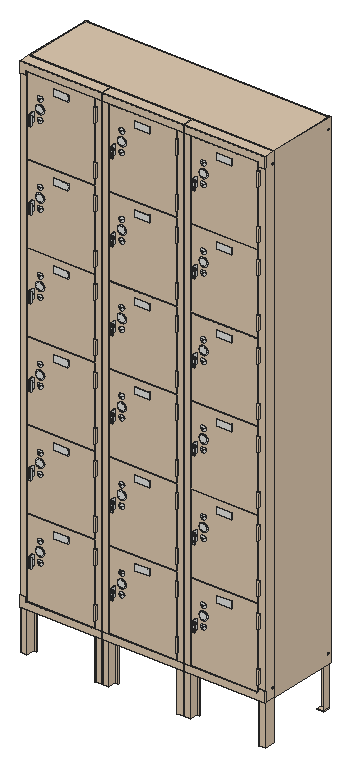
Revit family "Metal_Vented_Lockers-Salsbury_Industries-75000_76000_Series-3_Wide_Units", category Specialty Equipment, Revit 2023 (continued)
Nested families (in)
  nested 21: "Metal Locker Sloping Corner Filler" at (-19.1475, 1.8245, 77.71223), type <- "Sloping Top Corner Filler - Left Side", type "None"
  nested 22: "Vented Metal Locker Doors-12 inch with Latch Hasps" at (11.99976, -5.555, 7.09027), type <- "Door Location D1", type "Six Tier Door - 6 foot"
  nested 23: "Vented Metal Locker Doors-12 inch with Latch Hasps" at (-0.01383, -5.555, 7.09027), type <- "Door Location D1", type "Six Tier Door - 6 foot"
  nested 24: "Vented Metal Locker Doors-12 inch with Latch Hasps" at (-12.02717, -5.555, 7.09027), type <- "Door Location D1", type "Six Tier Door - 6 foot"
  nested 25: "Metal Locker Sloping Hood" at (4.595, 2.137, 78), type <- "Sloping Hood", type "None"
  nested 26: "Vented Metal Locker Doors-12 inch with Latch Hasps" at (11.99976, -5.555, 18.74776), type <- "Door Location D1", type "Six Tier Door - 6 foot"
  nested 27: "Vented Metal Locker Doors-12 inch with Latch Hasps" at (-0.01383, -5.555, 18.74776), type <- "Door Location D1", type "Six Tier Door - 6 foot"
  nested 28: "Vented Metal Locker Doors-12 inch with Latch Hasps" at (-12.02717, -5.555, 18.74776), type <- "Door Location D1", type "Six Tier Door - 6 foot"
  nested 29: "Vented Metal Locker Doors-12 inch with Latch Hasps" at (11.99976, -5.555, 30.40676), type <- "Door Location D1", type "Six Tier Door - 6 foot"
  nested 30: "Vented Metal Locker Doors-12 inch with Latch Hasps" at (-0.01383, -5.555, 30.40676), type <- "Door Location D1", type "Six Tier Door - 6 foot"
  nested 31: "Vented Metal Locker Doors-12 inch with Latch Hasps" at (-12.02717, -5.555, 30.40676), type <- "Door Location D1", type "Six Tier Door - 6 foot"
  nested 32: "Vented Metal Locker Doors-12 inch with Latch Hasps" at (11.99976, -5.555, 42.06376), type <- "Door Location D1", type "Six Tier Door - 6 foot"
  nested 33: "Vented Metal Locker Doors-12 inch with Latch Hasps" at (-0.01383, -5.555, 42.06376), type <- "Door Location D1", type "Six Tier Door - 6 foot"
  nested 34: "Vented Metal Locker Doors-12 inch with Latch Hasps" at (-12.02717, -5.555, 42.06376), type <- "Door Location D1", type "Six Tier Door - 6 foot"
  nested 35: "Vented Metal Locker Doors-12 inch with Latch Hasps" at (11.99976, -5.555, 53.72076), type <- "Door Location D1", type "Six Tier Door - 6 foot"
  nested 36: "Vented Metal Locker Doors-12 inch with Latch Hasps" at (-0.01383, -5.555, 53.72076), type <- "Door Location D1", type "Six Tier Door - 6 foot"
  nested 37: "Vented Metal Locker Doors-12 inch with Latch Hasps" at (-12.02717, -5.555, 53.72076), type <- "Door Location D1", type "Six Tier Door - 6 foot"
  nested 38: "Vented Metal Locker Doors-12 inch with Latch Hasps" at (11.99976, -5.555, 65.37776), type <- "Door Location D1", visible <- "Top Row of Doors", type "Six Tier Door - 6 foot"
  nested 39: "Vented Metal Locker Doors-12 inch with Latch Hasps" at (-0.01383, -5.555, 65.37776), type <- "Door Location D1", visible <- "Top Row of Doors", type "Six Tier Door - 6 foot"
  nested 40: "Vented Metal Locker Doors-12 inch with Latch Hasps" at (-12.02717, -5.555, 65.37776), type <- "Door Location D1", visible <- "Top Row of Doors", type "Six Tier Door - 6 foot"
  nested 41: "Vents" at (18.02, -2.385, 4.96051) x (0, 1, 0) z (0, 0, 1), type <- "Vent Configuration Height", type "6 foot high vents"
  nested 42: "Vents" at (18.02, -1.791, 5.80051) x (0, 1, 0) z (0, 0, 1), type <- "Vent Configuration Height", type "6 foot high vents"
  nested 43: "Vents" at (18.02, -1.198, 4.96051) x (0, 1, 0) z (0, 0, 1), type <- "Vent Configuration Height", type "6 foot high vents"
  nested 44: "Vents" at (18.02, -0.011, 4.96051) x (0, 1, 0) z (0, 0, 1), type <- "Vent Configuration Height", type "6 foot high vents"
  nested 45: "Vents" at (18.02, 1.176, 4.96051) x (0, 1, 0) z (0, 0, 1), type <- "Vent Configuration Height", type "6 foot high vents"
  nested 46: "Vents" at (18.02, 2.363, 4.96051) x (0, 1, 0) z (0, 0, 1), type <- "Vent Configuration Height", type "6 foot high vents"
  nested 47: "Vents" at (18.02, 3.55, 4.96051) x (0, 1, 0) z (0, 0, 1), type <- "Vent Configuration Height", type "6 foot high vents"
  nested 48: "Vents" at (18.02, -0.604, 5.80051) x (0, 1, 0) z (0, 0, 1), type <- "Vent Configuration Height", type "6 foot high vents"
  nested 49: "Vents" at (18.02, 0.583, 5.80051) x (0, 1, 0) z (0, 0, 1), type <- "Vent Configuration Height", type "6 foot high vents"
  nested 50: "Vents" at (18.02, 1.77, 5.80051) x (0, 1, 0) z (0, 0, 1), type <- "Vent Configuration Height", type "6 foot high vents"
  nested 51: "Vents" at (18.02, 2.957, 5.80051) x (0, 1, 0) z (0, 0, 1), type <- "Vent Configuration Height", type "6 foot high vents"
  nested 52: "Vents" at (-18.02, -2.385, 4.96051) x (0, 1, 0) z (0, 0, 1), type <- "Vent Configuration Height", type "6 foot high vents"
  nested 53: "Vents" at (-18.02, -1.791, 5.80051) x (0, 1, 0) z (0, 0, 1), type <- "Vent Configuration Height", type "6 foot high vents"
  nested 54: "Vents" at (-18.02, -1.198, 4.96051) x (0, 1, 0) z (0, 0, 1), type <- "Vent Configuration Height", type "6 foot high vents"
  nested 55: "Vents" at (-18.02, -0.011, 4.96051) x (0, 1, 0) z (0, 0, 1), type <- "Vent Configuration Height", type "6 foot high vents"
  nested 56: "Vents" at (-18.02, 1.176, 4.96051) x (0, 1, 0) z (0, 0, 1), type <- "Vent Configuration Height", type "6 foot high vents"
  nested 57: "Vents" at (-18.02, 2.363, 4.96051) x (0, 1, 0) z (0, 0, 1), type <- "Vent Configuration Height", type "6 foot high vents"
  nested 58: "Vents" at (-18.02, 3.55, 4.96051) x (0, 1, 0) z (0, 0, 1), type <- "Vent Configuration Height", type "6 foot high vents"
  nested 59: "Vents" at (-18.02, -0.604, 5.80051) x (0, 1, 0) z (0, 0, 1), type <- "Vent Configuration Height", type "6 foot high vents"
  nested 60: "Vents" at (-18.02, 0.583, 5.80051) x (0, 1, 0) z (0, 0, 1), type <- "Vent Configuration Height", type "6 foot high vents"
  nested 61: "Vents" at (-18.02, 1.77, 5.80051) x (0, 1, 0) z (0, 0, 1), type <- "Vent Configuration Height", type "6 foot high vents"
  nested 62: "Vents" at (-18.02, 2.957, 5.80051) x (0, 1, 0) z (0, 0, 1), type <- "Vent Configuration Height", type "6 foot high vents"
Definition of nested family "Metal Locker Legs - 3 Wide"
  Parameters (values of type "6" High - 45"W x 18"D")
    Width = 45.040"
    Visible = yes
    Version = "1.0 (11/30/15)"
    Type Comments = "Standard Metal Locker Legs"
    Primary Structure Material = none
    Model = "n/a"
    MasterFormat Title = ""
    MasterFormat Number = ""
    Manufacturer = "Salsbury Industries"
    Description = "45\"W x 6\" H x 18\"D"
    Depth = 18.010"
    Height = 6.000"
    Default Elevation = 0.000"
    Assembly Code = ""
  Types (6): name | Width | Visible | Type Comments | Description | Depth
    6" High - 36" W x 12" D | 36.040" | yes | "Standard Metal Locker Legs" | "36\"W x 6\" H x 12\"D" | 12.010"
    6" High - 36" W x 15" D | 36.040" | yes | "Standard Metal Locker Legs" | "36\"W x 6\" H x 15\"D" | 15.010"
    6" High - 36"W x 18"D | 36.040" | yes | "Standard Metal Locker Legs" | "36\"W x 6\" H x 18\"D" | 18.010"
    6" High - 45"W x 15"D | 45.040" | yes | "Standard Metal Locker Legs" | "45\"W x 6\" H x 15\"D" | 15.010"
    6" High - 45"W x 18"D | 45.040" | yes | "Standard Metal Locker Legs" | "45\"W x 6\" H x 18\"D" | 18.010"
    No Legs | 36.040" | no | "No Legs" | "" | 12.010"
  Reference planes (in)
    plane 1 "Center (Front/Back)": y = 0
    plane 2: z = 0
    plane 3 "Center (Left/Right)": x = 0
    plane 4 "Floor": z = 0
    plane 5 "Bottom of Unit": z = 6
    plane 6 "Left Side of Unit": x = -22.52
    plane 7 "Right Side of Unit": x = 22.52
    plane 8 "Back of Unit": y = 9.005
    plane 9 "Front of Unit": y = -9.005
    plane 10 "Right Side of Door Opening": x = 21.52
    plane 11 "Left Side of Door Opening": x = -21.52
    plane 12 "Top of back legs": z = 6.185
    plane 13 "Back Edge of Front Facing": y = -7.417
    plane 14 "Inside Edge of Front Leg": x = -21.08
    plane 15 "Inside Edge of Right Leg": x = 21.08
    plane 16: y = -7.82
    plane 17 "Back Edge of Rear Legs": y = 8.895
    plane 18 "Right Edge of Rear Right Leg": x = 22.4
    plane 19 "Left Edge or Rear Left Leg": x = -22.4
    plane 20: y = 7.895
    plane 21 "Inside Edge or Rear Right Leg": x = 21.4
    plane 22 "Inside Edge or Left Rear Leg": x = -21.4
    plane 23: x = 7.50667
    plane 24: x = -7.50667
  Forms (in)
    Extrusion 1, solid, material <- "Primary Structure Material", visible <- "Visible"
      sketch origin (0, 0, 0) x (0, -1, 0) y (1, 0, 0)
        loop
          line (7.417, 22.52) -> (7.417, 22.46) -> (8.945, 22.46) -> (8.945, 21.58) -> (7.76, 21.58) -> (7.76, 21.08) -> (7.82, 21.08) -> (7.82, 21.52) -> (9.005, 21.52) -> (9.005, 22.52) -> (7.417, 22.52)
      from 0 to 6
    Extrusion 2, solid, material <- "Primary Structure Material", visible <- "Visible"
      sketch origin (0, 0, 0) x (0, -1, 0) y (1, 0, 0)
        loop
          line (7.417, -22.52) -> (9.005, -22.52) -> (9.005, -21.52) -> (7.82, -21.52) -> (7.82, -21.08) -> (7.76, -21.08) -> (7.76, -21.58) -> (8.945, -21.58) -> (8.945, -22.46) -> (7.417, -22.46) -> (7.417, -22.52)
      from 0 to 6
    Extrusion 3, solid, material <- "Primary Structure Material", visible <- "Visible"
      sketch origin (0, 0, 0) x (0, -1, 0) y (1, 0, 0)
        loop
          line (-8.895, 22.4) -> (-8.895, 21.4) -> (-8.835, 21.4) -> (-8.835, 22.34) -> (-7.895, 22.34) -> (-7.895, 22.4) -> (-8.895, 22.4)
      from 0.06 to 6.185
    Extrusion 4, solid, material <- "Primary Structure Material", visible <- "Visible"
      sketch origin (0, 0, 0) x (0, -1, 0) y (1, 0, 0)
        loop
          line (-8.895, 22.4) -> (-8.895, 21.4) -> (-7.895, 21.4) -> (-7.895, 22.4) -> (-8.895, 22.4)
      from 0 to 0.06
    Extrusion 5, solid, material <- "Primary Structure Material", visible <- "Visible"
      sketch origin (0, 0, 0) x (0, -1, 0) y (1, 0, 0)
        loop
          line (-8.895, -22.4) -> (-7.895, -22.4) -> (-7.895, -22.34) -> (-8.835, -22.34) -> (-8.835, -21.4) -> (-8.895, -21.4) -> (-8.895, -22.4)
      from 0.06 to 6.185
    Extrusion 6, solid, material <- "Primary Structure Material", visible <- "Visible"
      sketch origin (0, 0, 0) x (0, -1, 0) y (1, 0, 0)
        loop
          line (-8.895, -22.4) -> (-7.895, -22.4) -> (-7.895, -21.4) -> (-8.895, -21.4) -> (-8.895, -22.4)
      from 0 to 0.06
    Extrusion 7, solid, material <- "Primary Structure Material", visible <- "Visible"
      sketch origin (12, 0, 0) x (0, -1, 0) y (1, 0, 0)
        loop
          line (7.417, -19.50667) -> (9.005, -19.50667) -> (9.005, -18.50667) -> (7.82, -18.50667) -> (7.82, -18.06667) -> (7.76, -18.06667) -> (7.76, -18.56667) -> (8.945, -18.56667) -> (8.945, -19.44667) -> (7.417, -19.44667) -> (7.417, -19.50667)
      from 0 to 6
    Extrusion 8, solid, material <- "Primary Structure Material", visible <- "Visible"
      sketch origin (24.04, 0, 0) x (0, -1, 0) y (1, 0, 0)
        loop
          line (7.417, -16.53333) -> (9.005, -16.53333) -> (9.005, -15.53333) -> (7.82, -15.53333) -> (7.82, -15.09333) -> (7.76, -15.09333) -> (7.76, -15.59333) -> (8.945, -15.59333) -> (8.945, -16.47333) -> (7.417, -16.47333) -> (7.417, -16.53333)
      from 0 to 6
    Extrusion 9, solid, material <- "Primary Structure Material", visible <- "Visible"
      sketch origin (-12, 0, 0) x (0, -1, 0) y (1, 0, 0)
        loop
          line (7.417, 19.50667) -> (7.417, 19.44667) -> (8.945, 19.44667) -> (8.945, 18.56667) -> (7.76, 18.56667) -> (7.76, 18.06667) -> (7.82, 18.06667) -> (7.82, 18.50667) -> (9.005, 18.50667) -> (9.005, 19.50667) -> (7.417, 19.50667)
      from 0 to 6
    Extrusion 10, solid, material <- "Primary Structure Material", visible <- "Visible"
      sketch origin (-24.04, 0, 0) x (0, -1, 0) y (1, 0, 0)
        loop
          line (7.417, 16.53333) -> (7.417, 16.47333) -> (8.945, 16.47333) -> (8.945, 15.59333) -> (7.76, 15.59333) -> (7.76, 15.09333) -> (7.82, 15.09333) -> (7.82, 15.53333) -> (9.005, 15.53333) -> (9.005, 16.53333) -> (7.417, 16.53333)
      from 0 to 6
  Dimensions and locks (in)
    equal spacing: plane 6 "Left Side of Unit", plane 3 "Center (Left/Right)", plane 7 "Right Side of Unit"
    "Width": plane 6 "Left Side of Unit" to plane 7 "Right Side of Unit"
    "Height": plane 5 "Bottom of Unit" to plane 4 "Floor"
    equal spacing: plane 9 "Front of Unit", plane 1 "Center (Front/Back)", plane 8 "Back of Unit"
    "Depth": plane 9 "Front of Unit" to plane 8 "Back of Unit"
    plane 12 "Top of back legs" to plane 5 "Bottom of Unit" = 0.185"
    plane 6 "Left Side of Unit" to plane 11 "Left Side of Door Opening" = 1.000"
    plane 10 "Right Side of Door Opening" to plane 7 "Right Side of Unit" = 1.000"
    locked: plane 9 "Front of Unit" to plane 13 "Back Edge of Front Facing" at 1.588
    plane 11 "Left Side of Door Opening" to plane 14 "Inside Edge of Front Leg" = 0.440"
    plane 15 "Inside Edge of Right Leg" to plane 10 "Right Side of Door Opening" = 0.440"
    plane 9 "Front of Unit" to plane 16 = 1.185"
    plane 15 "Inside Edge of Right Leg" to plane 21 "Inside Edge or Rear Right Leg" to plane 10 "Right Side of Door Opening" to plane 18 "Right Edge of Rear Right Leg" to plane 7 "Right Side of Unit" = 0.320", 0.120", 0.880", 0.120"
    plane 6 "Left Side of Unit" to plane 19 "Left Edge or Rear Left Leg" to plane 11 "Left Side of Door Opening" to plane 22 "Inside Edge or Left Rear Leg" to plane 14 "Inside Edge of Front Leg" = 0.120", 0.880", 0.120", 0.320"
    plane 20 to plane 17 "Back Edge of Rear Legs" to plane 8 "Back of Unit" = 1.000", 0.110"
    equal spacing: plane 6 "Left Side of Unit", plane 24, plane 23, plane 7 "Right Side of Unit"
    aligned and locked: level to plane 2
    aligned and locked: Extrusion 3 to Extrusion 4
    aligned and locked: Extrusion 6 to Extrusion 5
    aligned and locked: Extrusion 3 to plane 18 "Right Edge of Rear Right Leg"
    aligned and locked: Extrusion 3 to plane 17 "Back Edge of Rear Legs"
    aligned and locked: Extrusion 5 to plane 19 "Left Edge or Rear Left Leg"
    aligned and locked: plane 17 "Back Edge of Rear Legs" to Extrusion 5
    aligned and locked: plane 5 "Bottom of Unit" to Extrusion 2
    aligned and locked: Extrusion 1 to plane 5 "Bottom of Unit"
    aligned and locked: Extrusion 3 to plane 12 "Top of back legs"
    aligned and locked: plane 12 "Top of back legs" to Extrusion 5
  Automatic sketch dimensions
    plane 13 "Back Edge of Front Facing" to Extrusion 1 sketch curve = 0.000"
    Extrusion 1 sketch curve to plane 15 "Inside Edge of Right Leg" = 0.000"
    plane 16 to Extrusion 1 sketch curve = 0.000"
    Extrusion 1 sketch curve to plane 7 "Right Side of Unit" = 0.000"
    plane 9 "Front of Unit" to Extrusion 1 sketch curve = 0.000"
    Extrusion 1 sketch curve to plane 10 "Right Side of Door Opening" = 0.000"
    Extrusion 1 sketch curve to plane 16 = 0.060"
    Extrusion 1 sketch curve to plane 9 "Front of Unit" = 0.060"
    Extrusion 1 sketch curve to plane 10 "Right Side of Door Opening" = 0.060"
    plane 7 "Right Side of Unit" to Extrusion 1 sketch curve = 0.060"
    Extrusion 2 sketch curve to plane 13 "Back Edge of Front Facing" = 0.000"
    Extrusion 2 sketch curve to plane 14 "Inside Edge of Front Leg" = 0.000"
    Extrusion 2 sketch curve to plane 16 = 0.000"
    Extrusion 2 sketch curve to plane 6 "Left Side of Unit" = 0.000"
    Extrusion 2 sketch curve to plane 9 "Front of Unit" = 0.000"
    Extrusion 2 sketch curve to plane 11 "Left Side of Door Opening" = 0.000"
    plane 16 to Extrusion 2 sketch curve = 0.060"
    plane 9 "Front of Unit" to Extrusion 2 sketch curve = 0.060"
    Extrusion 2 sketch curve to plane 11 "Left Side of Door Opening" = 0.060"
    plane 6 "Left Side of Unit" to Extrusion 2 sketch curve = 0.060"
    plane 17 "Back Edge of Rear Legs" to Extrusion 3 sketch curve = 0.000"
    Extrusion 3 sketch curve to plane 21 "Inside Edge or Rear Right Leg" = 0.000"
    Extrusion 3 sketch curve to plane 18 "Right Edge of Rear Right Leg" = 0.000"
    plane 20 to Extrusion 3 sketch curve = 0.000"
    plane 17 "Back Edge of Rear Legs" to Extrusion 3 sketch curve = 0.060"
    plane 18 "Right Edge of Rear Right Leg" to Extrusion 3 sketch curve = 0.060"
    plane 17 "Back Edge of Rear Legs" to Extrusion 4 sketch curve = 0.000"
    Extrusion 4 sketch curve to plane 18 "Right Edge of Rear Right Leg" = 0.000"
    plane 20 to Extrusion 4 sketch curve = 0.000"
    Extrusion 4 sketch curve to plane 21 "Inside Edge or Rear Right Leg" = 0.000"
    Extrusion 5 sketch curve to plane 17 "Back Edge of Rear Legs" = 0.000"
    Extrusion 5 sketch curve to plane 22 "Inside Edge or Left Rear Leg" = 0.000"
    Extrusion 5 sketch curve to plane 19 "Left Edge or Rear Left Leg" = 0.000"
    Extrusion 5 sketch curve to plane 20 = 0.000"
    Extrusion 5 sketch curve to plane 17 "Back Edge of Rear Legs" = 0.060"
    Extrusion 5 sketch curve to plane 19 "Left Edge or Rear Left Leg" = 0.060"
    Extrusion 6 sketch curve to plane 17 "Back Edge of Rear Legs" = 0.000"
    Extrusion 6 sketch curve to plane 19 "Left Edge or Rear Left Leg" = 0.000"
    Extrusion 6 sketch curve to plane 20 = 0.000"
    Extrusion 6 sketch curve to plane 22 "Inside Edge or Left Rear Leg" = 0.000"
    plane 13 "Back Edge of Front Facing" to Extrusion 7 sketch curve = 0.000"
    plane 16 to Extrusion 7 sketch curve = 0.000"
    plane 9 "Front of Unit" to Extrusion 7 sketch curve = 0.000"
    Extrusion 7 sketch curve to plane 24 = 0.000"
    plane 16 to Extrusion 7 sketch curve = 0.060"
    plane 9 "Front of Unit" to Extrusion 7 sketch curve = 0.060"
    plane 24 to Extrusion 7 sketch curve = 0.060"
    plane 24 to Extrusion 7 sketch curve = 0.940"
    Extrusion 7 sketch curve to Extrusion 7 sketch curve = 0.060"
    Extrusion 7 sketch curve to Extrusion 7 sketch curve = 0.440"
    plane 13 "Back Edge of Front Facing" to Extrusion 8 sketch curve = 0.000"
    plane 16 to Extrusion 8 sketch curve = 0.000"
    plane 9 "Front of Unit" to Extrusion 8 sketch curve = 0.000"
    Extrusion 8 sketch curve to plane 23 = 0.000"
    plane 16 to Extrusion 8 sketch curve = 0.060"
    plane 9 "Front of Unit" to Extrusion 8 sketch curve = 0.060"
    plane 23 to Extrusion 8 sketch curve = 0.060"
    plane 23 to Extrusion 8 sketch curve = 0.940"
    Extrusion 8 sketch curve to Extrusion 8 sketch curve = 0.060"
    Extrusion 8 sketch curve to Extrusion 8 sketch curve = 0.440"
    plane 13 "Back Edge of Front Facing" to Extrusion 9 sketch curve = 0.000"
    plane 16 to Extrusion 9 sketch curve = 0.000"
    plane 9 "Front of Unit" to Extrusion 9 sketch curve = 0.000"
    Extrusion 9 sketch curve to plane 23 = 0.000"
    Extrusion 9 sketch curve to plane 16 = 0.060"
    Extrusion 9 sketch curve to plane 9 "Front of Unit" = 0.060"
    plane 23 to Extrusion 9 sketch curve = 0.060"
    plane 23 to Extrusion 9 sketch curve = 0.940"
    Extrusion 9 sketch curve to Extrusion 9 sketch curve = 0.060"
    Extrusion 9 sketch curve to Extrusion 9 sketch curve = 0.440"
    plane 13 "Back Edge of Front Facing" to Extrusion 10 sketch curve = 0.000"
    plane 16 to Extrusion 10 sketch curve = 0.000"
    plane 9 "Front of Unit" to Extrusion 10 sketch curve = 0.000"
    Extrusion 10 sketch curve to plane 24 = 0.000"
    Extrusion 10 sketch curve to plane 16 = 0.060"
    Extrusion 10 sketch curve to plane 9 "Front of Unit" = 0.060"
    plane 24 to Extrusion 10 sketch curve = 0.060"
    plane 24 to Extrusion 10 sketch curve = 0.940"
    Extrusion 10 sketch curve to Extrusion 10 sketch curve = 0.060"
    Extrusion 10 sketch curve to Extrusion 10 sketch curve = 0.440"
Definition of nested family "Vented Metal Locker Doors-12 inch with Latch Hasps"
  Parameters (values of type "Four Tier Door - 6 foot")
    Width = 9.901"
    Visible = yes
    Vent Array Spacing = 1.187"
    Vent Array 2 = if(Height = 17.360", 10, if(Height = 14.360", 8, if(Height = 11.532", 6, if(Height = 11.463", 6, 0))))  # 10
    Vent Array 1 = Vent Array 2  # 10
    Primary Structure Material = none
    Louver Set Vertical Alignment = 5.710"
    Number Plate Alignment = 0.9375"
    Louver Width = 4.000"
    Hinge 2 Placement = 14.142"
    Hinge 1 Placement = 1.125"
    Height = 17.360"
    Hasp Plate Rivet Material = none
    Hasp Height = 1.438"
    First Vent Placement = 2.875"
    Depth = 0.900"
    Default Elevation = 0.000"
  Types (4): name | Vent Array 2 | Vent Array 1 | Louver Set Vertical Alignment | Hinge 2 Placement | Height | First Vent Placement
    Six Tier Door - 6 foot | 6 | 6 | 2.731" | 8.449" | 11.532" | 2.3925"
    Five Tier Door - 5 foot | 6 | 6 | 2.826" | 8.188" | 11.463" | 2.3925"
    Four Tier Door - 6 foot | 10 | 10 | 5.710" | 14.142" | 17.360" | 2.875"
    Four Tier Door - 5 foot | 8 | 8 | 4.240" | 11.142" | 14.360" | 2.625"
  Reference planes (in)
    plane 1 "Center (Front/Back)": y = 0
    plane 2 "Bottom of Door": z = 0
    plane 3 "Center (Left/Right)": x = 0
    plane 4 "Center (Top/Bottom)": z = 8.68
    plane 5 "Top of Door": z = 17.36
    plane 6 "Right Side of Door": x = 4.9505
    plane 7 "Left Side of Door": x = -4.9505
    plane 8 "Front of Door": y = -0.45
    plane 9 "Back of Door": y = 0.45
    plane 10 "Top of Number Plate": z = 16.4225
    plane 11 "Top of Hasp Alignment": z = 9.399
    plane 12 "Bottom of Hasp Alignment": z = 7.961
    plane 13 "Left Side of Louvers": x = -2
    plane 14 "Right Side of Louvers": x = 2
    plane 15 "Front of Louvers": y = -0.6375
    plane 16: x = -1.094
    plane 17: x = 1.094
    plane 18: z = 15.4225
    plane 19 "Center Hasp": x = -1.7755
    plane 20 "Top of Hinge 2": z = 3.218
    plane 21 "Top of Hinge 1": z = 16.235
    plane 22 "Left Hasp Hole Align": x = -4.263
    plane 23 "Right Hasp Hole Align": x = -4.013
    plane 24 "Center Hasp Stud Align": z = 10.09841
    plane 25 "Top Hasp Stud Align": z = 11.51682
    plane 26 "Vertical Hasp Stud Align": x = -3.076
    plane 27 "Vertical Center Hasp Align": x = -4.13777
    plane 28: z = 2.875
    plane 29: z = 3.46558
    plane 30: z = 4.062
    plane 31: z = 4.65258
  Forms (in)
    Extrusion 1, solid, material <- "Primary Structure Material", visible <- "Visible"
      sketch origin (0, 0, 0) x (1, 0, 0) y (0, 0, 1)
        loop
          line (-4.9505, 17.36) -> (-4.9505, 0) -> (4.9505, 0) -> (4.9505, 17.36) -> (-4.9505, 17.36)
      from -0.45 to 0.45
    Extrusion 2, solid, material <- "Hasp Plate Rivet Material", visible <- "Visible", detail levels medium+fine
      sketch origin (0, -0.45, 0) x (1, 0, 0) y (0, 0, 1)
        loop
          arc (-1.06847, 16.38695) -> (-1.10166, 15.92421) -> (-1.06847, 15.46147) r 3.2426
          arc (-1.06847, 15.46147) -> (0, 15.42272) -> (1.06847, 15.46147) r 14.75
          arc (1.06847, 15.46147) -> (1.10166, 15.92421) -> (1.06847, 16.38695) r 3.2426
          arc (1.06847, 16.38695) -> (0, 16.41487) -> (-1.06847, 16.38695) r 20.45441
      from 0 to 0.03497
    Extrusion 3, void
      sketch origin (-1.7755, -0.13281, 0.04687) x (0, 0, -1) y (0, -1, 0)
        loop
          circle (-8.35677, -0.16411) r 0.2
      from -0.163 to 0.163
    Extrusion 4, solid, material <- "Primary Structure Material", visible <- "Visible", detail levels medium+fine
      sketch origin (0, 0, 16.235) x (0, -1, 0) y (1, 0, 0)
        loop
          line (0.45, 4.9505) -> (0.575, 4.9505)
          arc (0.575, 4.9505) -> (0.7, 5.0755) -> (0.575, 5.2005) r 0.125
          line (0.575, 5.2005) -> (0.45, 5.2005) -> (0.45, 4.9505)
      from 0 to -2
    Extrusion 5, solid, material <- "Primary Structure Material", visible <- "Visible", detail levels medium+fine
      sketch origin (0, 0, 3.218) x (0, -1, 0) y (1, 0, 0)
        loop
          line (0.45, 4.9505) -> (0.575, 4.9505)
          arc (0.575, 4.9505) -> (0.7, 5.0755) -> (0.575, 5.2005) r 0.125
          line (0.575, 5.2005) -> (0.45, 5.2005) -> (0.45, 4.9505)
      from 0 to -2
    Extrusion 6, void
      sketch origin (0, -0.45, 0) x (1, 0, 0) y (0, 0, 1)
        loop
          line (-4.263, 9.399) -> (-4.263, 7.961) -> (-4.013, 7.961) -> (-4.013, 9.399) -> (-4.263, 9.399)
      from -0.9 to 0
    Blend 7, solid, material <- "Hasp Plate Rivet Material", visible <- "Visible", detail levels fine
      base sketch origin (0, -0.45, 0) x (1, 0, 0) y (0, 0, 1)
        loop
          circle (-3.076, 8.68) r 0.375
      top sketch origin (0, -0.45, 0) x (1, 0, 0) y (0, 0, 1)
        loop
          circle (-3.076, 8.68) r 0.09706
      from 0 to 0.03497
    Blend 8, solid, material <- "Hasp Plate Rivet Material", visible <- "Visible", detail levels fine
      base sketch origin (0, -0.45, 2.83682) x (1, 0, 0) y (0, 0, 1)
        loop
          circle (-3.076, 8.68) r 0.375
      top sketch origin (0, -0.45, 2.83682) x (1, 0, 0) y (0, 0, 1)
        loop
          circle (-3.076, 8.68) r 0.09706
      from 0 to 0.03497
    Blend 9, solid, material <- "Hasp Plate Rivet Material", visible <- "Visible", detail levels fine
      base sketch origin (0, -0.45, -0.16841) x (1, 0, 0) y (0, 0, 1)
        loop
          circle (-3.076, 10.26682) r 0.625
      top sketch origin (0, -0.45, -0.16841) x (1, 0, 0) y (0, 0, 1)
        loop
          circle (-3.076, 10.26682) r 0.58088
      from 0 to 0.03497
    Extrusion 10, solid, material <- "Hasp Plate Rivet Material", visible <- "Visible", detail levels fine
      sketch origin (0, 0, 7.961) x (0, -1, 0) y (1, 0, 0)
        loop
          line (-0.45, -4.07527) -> (-0.45, -4.13777) -> (1.2, -4.13777)
          arc (1.2, -4.13777) -> (1.24419, -4.11946) -> (1.2625, -4.07527) r 0.0625
          line (1.2625, -4.07527) -> (1.2625, -3.76277) -> (1.20579, -3.76277) -> (1.20579, -4.0127)
          arc (1.20579, -4.0127) -> (1.18746, -4.05694) -> (1.14322, -4.07527) r 0.06257
          line (1.14322, -4.07527) -> (-0.45, -4.07527)
      from 0 to 1.438
    Extrusion 11, solid, material <- "Hasp Plate Rivet Material", visible <- "Visible", detail levels fine
      sketch origin (0, 0, 7.961) x (0, -1, 0) y (1, 0, 0)
        loop
          line (-0.45, -4.20027) -> (1.2625, -4.20027) -> (1.2625, -4.13777) -> (-0.45, -4.13777) -> (-0.45, -4.20027)
      from 0 to 1.438
    Extrusion 12, void
      sketch origin (-4.013, 0, 0) x (0, 0, -1) y (0, -1, 0)
        loop
          circle (-8.68, 0.82219) r 0.375
      from 0 to 0.25
  Cuts and joins
    Extrusion 3, Extrusion 6 cuts Extrusion 1
    Extrusion 12 cuts Extrusion 10
    Extrusion 12 cuts Extrusion 11
  Lines and regions (in)
    symbolic lines
      curve 1: line (-4.20027, -0.44719, 7.961) -> (-4.20027, -1.2625, 7.961)
      curve 2: line (-4.20027, -1.2625, 7.961) -> (-4.13777, -1.2625, 7.961)
      curve 3: line (-4.13777, -1.2625, 7.961) -> (-4.13777, -0.45, 7.961)
      curve 4: line (-4.07527, -0.44719, 7.961) -> (-4.07527, -1.14322, 7.961)
      curve 5: line (-4.0127, -1.20579, 7.961) -> (-3.76277, -1.20579, 7.961)
      curve 6: line (-3.76277, -1.20579, 7.961) -> (-3.76277, -1.2625, 7.961)
      curve 7: line (-3.76277, -1.2625, 7.961) -> (-4.07527, -1.2625, 7.961)
      curve 8: arc (-4.07527, -1.14322, 7.961) -> (-4.05694, -1.18746, 7.961) -> (-4.0127, -1.20579, 7.961) r 0.06257
      curve 9: arc (-4.07527, -1.2625, 7.961) -> (-4.11946, -1.24419, 7.961) -> (-4.13777, -1.2, 7.961) r 0.0625
      curve 10: line (-4.013, -0.45, 9.40058) -> (-4.013, -1.26256, 9.40058)
      curve 11: line (-4.013, -1.26256, 9.40058) -> (-4.013, -1.26256, 7.9612)
      curve 12: line (-4.013, -1.26256, 7.9612) -> (-4.013, -0.45309, 7.9612)
      curve 13: line (-4.263, -0.45, 9.399) -> (-4.20027, -0.45, 9.399)
      curve 14: line (-4.263, -0.45, 7.961) -> (-4.263, -0.45, 9.399)
      curve 15: line (-4.20027, -0.45, 7.961) -> (-4.263, -0.45, 7.961)
      curve 16: line (-4.20027, -0.45, 9.399) -> (-4.20027, -0.45, 7.961)
      curve 17: line (-4.20027, -0.45, 9.399) -> (-3.76277, -0.45, 9.399)
      curve 18: line (-4.20027, -0.45, 7.961) -> (-3.76277, -0.45, 7.961)
      curve 19: line (-3.76277, -0.45, 9.399) -> (-3.76277, -0.45, 7.961)
      curve 20: circle (-3.076, -0.45, 11.51682) r 0.371 normal (0, -1, 0)
      curve 21: circle (-3.076, -0.45, 8.68) r 0.375 normal (0, -1, 0)
      curve 22: circle (-3.076, -0.45, 10.09841) r 0.62368 normal (0, -1, 0)
      curve 23: line (-4.9505, -0.45, 17.36) -> (4.9505, -0.45, 17.36)
      curve 24: line (-4.9505, -0.45, 0) -> (-4.9505, -0.45, 17.36)
      curve 25: line (4.9505, -0.45, 0) -> (-4.9505, -0.45, 0)
      curve 26: line (4.9505, -0.45, 17.36) -> (4.9505, -0.45, 0)
  Dimensions and locks (in)
    equal spacing: plane 5 "Top of Door", plane 4 "Center (Top/Bottom)", plane 2 "Bottom of Door"
    "Height": plane 5 "Top of Door" to plane 2 "Bottom of Door"
    equal spacing: plane 8 "Front of Door", plane 1 "Center (Front/Back)", plane 9 "Back of Door"
    "Depth": plane 8 "Front of Door" to plane 9 "Back of Door"
    equal spacing: plane 7 "Left Side of Door", plane 3 "Center (Left/Right)", plane 6 "Right Side of Door"
    "Width": plane 7 "Left Side of Door" to plane 6 "Right Side of Door"
    "Number Plate Alignment": plane 5 "Top of Door" to plane 10 "Top of Number Plate" to plane 18
    equal spacing: plane 13 "Left Side of Louvers", plane 3 "Center (Left/Right)", plane 14 "Right Side of Louvers"
    "Louver Width": plane 13 "Left Side of Louvers" to plane 14 "Right Side of Louvers"
    plane 25 "Top Hasp Stud Align" to plane 24 "Center Hasp Stud Align" to plane 11 "Top of Hasp Alignment" to plane 4 "Center (Top/Bottom)" to plane 12 "Bottom of Hasp Alignment" = 1.41841", 0.69941", 0.719", 0.719"
    "Hasp Height": plane 11 "Top of Hasp Alignment" to plane 12 "Bottom of Hasp Alignment"
    locked: plane 15 "Front of Louvers" to plane 8 "Front of Door" at 0.1875
    plane 16 to plane 3 "Center (Left/Right)" to plane 17 = 1.094" locked, 1.094" locked
    "Hinge 1 Placement": plane 5 "Top of Door" to plane 21 "Top of Hinge 1"
    "Hinge 2 Placement": plane 5 "Top of Door" to plane 20 "Top of Hinge 2"
    plane 7 "Left Side of Door" to plane 22 "Left Hasp Hole Align" to plane 23 "Right Hasp Hole Align" to plane 26 "Vertical Hasp Stud Align" = 0.6875" locked, 0.250" locked, 0.937" locked
    equal spacing: group 1, group 2, group 3, group 4, group 5, group 6, group 13, group 14, group 15, group 16  (x3)
    equal spacing: group 7, group 8, group 9, group 10, group 11, group 12, group 17, group 18, group 19, group 20  (x3)
    "Vent Array Spacing": plane 30 to plane 28
    "First Vent Placement": plane 28 to plane 2 "Bottom of Door"
    "Vent Array Spacing": plane 31 to plane 29
    locked: plane 29 to plane 28 at 0.59058
    aligned and locked: level to plane 2 "Bottom of Door"
    aligned and locked: plane 5 "Top of Door" to Extrusion 1 sketch curve
    aligned and locked: Extrusion 1 sketch curve to plane 7 "Left Side of Door"
    aligned and locked: plane 2 "Bottom of Door" to Extrusion 1 sketch curve
    aligned and locked: plane 6 "Right Side of Door" to Extrusion 1 sketch curve
    aligned and locked: plane 11 "Top of Hasp Alignment" to Extrusion 6 sketch curve
    aligned and locked: Extrusion 6 sketch curve to plane 22 "Left Hasp Hole Align"
    aligned and locked: Extrusion 6 sketch curve to plane 12 "Bottom of Hasp Alignment"
    aligned and locked: plane 23 "Right Hasp Hole Align" to Extrusion 6 sketch curve
    aligned and locked: plane 25 "Top Hasp Stud Align" to Blend 8 sketch curve  (x2)
    aligned and locked: plane 4 "Center (Top/Bottom)" to Blend 7 sketch curve  (x2)
    aligned and locked: plane 24 "Center Hasp Stud Align" to Blend 9 sketch curve  (x2)
    aligned and locked: plane 27 "Vertical Center Hasp Align" to Extrusion 11 sketch curve
    aligned and locked: plane 27 "Vertical Center Hasp Align" to Extrusion 10 sketch curve
    aligned and locked: plane 4 "Center (Top/Bottom)" to Extrusion 12 sketch curve
    aligned and locked: plane 3 "Center (Left/Right)" to nested 1
    aligned and locked: plane 28 to nested 2
    aligned and locked: plane 29 to nested 1
    aligned and locked: plane 30 to nested 3
    aligned and locked: plane 31 to nested 8
    aligned and locked: curve 1 to cut or joined group of Extrusion 11, Extrusion 12
    aligned and locked: curve 2 to cut or joined group of Extrusion 11, Extrusion 12
    aligned and locked: curve 3 to cut or joined group of Extrusion 11, Extrusion 12
    aligned and locked: cut or joined group of Extrusion 10, Extrusion 12 to curve 4
    aligned and locked: curve 5 to cut or joined group of Extrusion 10, Extrusion 12
    aligned and locked: curve 6 to cut or joined group of Extrusion 10, Extrusion 12
    aligned and locked: curve 7 to cut or joined group of Extrusion 10, Extrusion 12
    aligned and locked: curve 10 to nested 12  (x2)
    aligned and locked: curve 13 to cut or joined group of Extrusion 1, Extrusion 3, Extrusion 6
    aligned and locked: curve 14 to cut or joined group of Extrusion 1, Extrusion 3, Extrusion 6
    aligned and locked: cut or joined group of Extrusion 11, Extrusion 12 to curve 15
    aligned and locked: curve 16 to cut or joined group of Extrusion 11, Extrusion 12
    aligned and locked: curve 13 to curve 17
    aligned and locked: curve 19 to cut or joined group of Extrusion 10, Extrusion 12
    aligned and locked: curve 23 to cut or joined group of Extrusion 1, Extrusion 3, Extrusion 6
    aligned and locked: curve 25 to cut or joined group of Extrusion 1, Extrusion 3, Extrusion 6
    aligned and locked: curve 26 to cut or joined group of Extrusion 1, Extrusion 3, Extrusion 6
  Automatic sketch dimensions
    Extrusion 2 sketch curve to plane 3 "Center (Left/Right)" = 0.000"  (x2)
    plane 13 "Left Side of Louvers" to Extrusion 2 sketch curve = 0.14094"
    Extrusion 2 sketch curve to plane 14 "Right Side of Louvers" = 0.14094"
    Extrusion 2 sketch curve to level = 4.03954"
    plane 21 "Top of Hinge 1" to Extrusion 2 sketch curve = 0.31079"  (x2)
    Extrusion 2 sketch curve to plane 5 "Top of Door" = 12.81272"
    Extrusion 2 sketch curve to plane 16 = 0.02553"  (x2)
    plane 17 to Extrusion 2 sketch curve = 0.02553"
    Extrusion 2 sketch curve to plane 18 = 0.03897"
    Extrusion 3 sketch curve to plane 1 "Center (Front/Back)" = 0.0313"
    Extrusion 4 sketch curve to plane 6 "Right Side of Door" = 0.000"
    plane 8 "Front of Door" to Extrusion 4 sketch curve = 0.000"
    Extrusion 4 sketch curve to plane 15 "Front of Louvers" = 0.0625"
    Extrusion 4 sketch curve to plane 6 "Right Side of Door" = 0.125"
    Extrusion 5 sketch curve to plane 6 "Right Side of Door" = 0.000"
    plane 8 "Front of Door" to Extrusion 5 sketch curve = 0.000"
    Extrusion 5 sketch curve to plane 15 "Front of Louvers" = 0.0625"
    Extrusion 5 sketch curve to plane 6 "Right Side of Door" = 0.125"
    plane 26 "Vertical Hasp Stud Align" to Blend 7 sketch curve = 0.000"  (x2)
    plane 26 "Vertical Hasp Stud Align" to Blend 8 sketch curve = 0.000"  (x2)
    plane 26 "Vertical Hasp Stud Align" to Blend 9 sketch curve = 0.000"  (x2)
    Extrusion 10 sketch curve to plane 1 "Center (Front/Back)" = 0.450"
    plane 23 "Right Hasp Hole Align" to Extrusion 10 sketch curve = 0.06227"
    Extrusion 10 sketch curve to plane 23 "Right Hasp Hole Align" = 0.0003"
    plane 15 "Front of Louvers" to Extrusion 10 sketch curve = 0.50572"
    Extrusion 10 sketch curve to Extrusion 10 sketch curve = 0.05678"
    Extrusion 10 sketch curve to Extrusion 10 sketch curve = 0.24993"
    plane 9 "Back of Door" to Extrusion 11 sketch curve = 0.000"
    plane 15 "Front of Louvers" to Extrusion 11 sketch curve = 0.625"
    Extrusion 11 sketch curve to plane 22 "Left Hasp Hole Align" = 0.06273"
    Extrusion 10 sketch curve to Extrusion 10 sketch curve = 0.06257"
    plane 15 "Front of Louvers" to Extrusion 12 sketch curve = 0.18469"
    plane 4 "Center (Top/Bottom)" to Extrusion 3 sketch curve = 0.27635"
    plane 8 "Front of Door" to curve 3 = 0.000"
    curve 8 to plane 23 "Right Hasp Hole Align" = 0.0003"
    curve 9 to curve 4 = 0.000"
    curve 1 to plane 8 "Front of Door" = 0.00281"
    curve 4 to plane 8 "Front of Door" = 0.00281"
    plane 15 "Front of Louvers" to curve 11 = 0.62506"
    curve 12 to plane 12 "Bottom of Hasp Alignment" = 0.0002"
    plane 8 "Front of Door" to curve 12 = 0.00309"
    plane 7 "Left Side of Door" to curve 24 = 0.000"
    curve 22 to plane 24 "Center Hasp Stud Align" = 0.000"
    plane 26 "Vertical Hasp Stud Align" to curve 22 = 0.000"
    curve 21 to plane 4 "Center (Top/Bottom)" = 0.000"
    plane 26 "Vertical Hasp Stud Align" to curve 21 = 0.000"
    curve 20 to plane 25 "Top Hasp Stud Align" = 0.000"
    plane 26 "Vertical Hasp Stud Align" to curve 20 = 0.000"
    radius of Extrusion 3 sketch curve = 0.200"
    radius of Blend 7 sketch curve = 0.375"
    radius of Blend 7 sketch curve = 0.09706"
    radius of Blend 8 sketch curve = 0.375"
    radius of Blend 8 sketch curve = 0.09706"
    radius of Blend 9 sketch curve = 0.625"
    radius of Blend 9 sketch curve = 0.58088"
    radius of Extrusion 12 sketch curve = 0.375"
    radius of curve 20 = 0.371"
    radius of curve 21 = 0.375"
    radius of curve 22 = 0.62368"
  Nested families (in)
    nested 1: "Vents - Horizontal 3" at (0, -0.45, -61.80738), type "Vents - Horizontal 3"
    nested 2: "Vents - Horizontal 2" at (2.6043, -0.45, -60.66388), type "Vents - Horizontal 2"
    nested 3: "Vents - Horizontal 2" at (2.6043, -0.45, -59.47688), type "Vents - Horizontal 2"
    nested 4: "Vents - Horizontal 2" at (2.6043, -0.45, -58.28988), type "Vents - Horizontal 2"
    nested 5: "Vents - Horizontal 2" at (2.6043, -0.45, -57.10288), type "Vents - Horizontal 2"
    nested 6: "Vents - Horizontal 2" at (2.6043, -0.45, -55.91588), type "Vents - Horizontal 2"
    nested 7: "Vents - Horizontal 2" at (2.6043, -0.45, -54.72888), type "Vents - Horizontal 2"
    nested 8: "Vents - Horizontal 3" at (0, -0.45, -60.62038), type "Vents - Horizontal 3"
    nested 9: "Vents - Horizontal 3" at (0, -0.45, -59.43338), type "Vents - Horizontal 3"
    nested 10: "Vents - Horizontal 3" at (0, -0.45, -58.24638), type "Vents - Horizontal 3"
    nested 11: "Vents - Horizontal 3" at (0, -0.45, -57.05938), type "Vents - Horizontal 3"
    nested 12: "Vents - Horizontal 3" at (0, -0.45, -55.87238), type "Vents - Horizontal 3"
    nested 13: "Vents - Horizontal 2" at (2.6043, -0.45, -53.54188), type "Vents - Horizontal 2"
    nested 14: "Vents - Horizontal 2" at (2.6043, -0.45, -52.35488), type "Vents - Horizontal 2"
    nested 15: "Vents - Horizontal 2" at (2.6043, -0.45, -51.16788), type "Vents - Horizontal 2"
    nested 16: "Vents - Horizontal 2" at (2.6043, -0.45, -49.98088), type "Vents - Horizontal 2"
    nested 17: "Vents - Horizontal 3" at (0, -0.45, -54.68538), type "Vents - Horizontal 3"
    nested 18: "Vents - Horizontal 3" at (0, -0.45, -53.49838), type "Vents - Horizontal 3"
    nested 19: "Vents - Horizontal 3" at (0, -0.45, -52.31138), type "Vents - Horizontal 3"
    nested 20: "Vents - Horizontal 3" at (0, -0.45, -51.12438), type "Vents - Horizontal 3"
  Definition of nested family "Vents - Horizontal 3"
    Parameters (values of type "Vents - Horizontal 3")
      Default Elevation = 0.000"
    Reference planes (in)
      plane 1 "Center (Front/Back)": y = 0
      plane 2: z = 0
      plane 3 "Center (Left/Right)": x = 0
    Lines and regions (in)
      model lines
        curve 1: spline (1.08625, 0, 65.3981) -> (1.05712, 0, 65.3804) -> (1.03269, 0, 65.36106) -> (1.01334, 0, 65.34039) -> (0.99936, 0, 65.31871) -> (0.99096, 0, 65.29635) -> (0.98829, 0, 65.27365) -> (0.99137, 0, 65.25097) -> (1.00016, 0, 65.22864) -> (1.01452, 0, 65.20702) -> (1.03424, 0, 65.18644) -> (1.05902, 0, 65.16721) -> (1.08846, 0, 65.14963)
        curve 2: line (1.08625, 0, 65.3981) -> (1.73835, 0, 65.64972)
        curve 3: line (1.08846, 0, 65.14963) -> (1.73762, 0, 64.89923)
        curve 4: spline (2.39008, 0, 65.39825) -> (2.41937, 0, 65.38053) -> (2.44394, 0, 65.36117) -> (2.46341, 0, 65.34048) -> (2.47747, 0, 65.31876) -> (2.48591, 0, 65.29637) -> (2.4886, 0, 65.27363) -> (2.4855, 0, 65.25091) -> (2.47665, 0, 65.22855) -> (2.46219, 0, 65.2069) -> (2.44234, 0, 65.18629) -> (2.41742, 0, 65.16704) -> (2.3878, 0, 65.14945)
        curve 5: line (2.39008, 0, 65.39825) -> (1.73835, 0, 65.64972)
        curve 6: line (2.3878, 0, 65.14945) -> (1.73762, 0, 64.89923)
        curve 13: spline (-0.65075, 0, 65.3981) -> (-0.67988, 0, 65.3804) -> (-0.70431, 0, 65.36106) -> (-0.72366, 0, 65.34039) -> (-0.73764, 0, 65.31871) -> (-0.74604, 0, 65.29635) -> (-0.74871, 0, 65.27365) -> (-0.74563, 0, 65.25097) -> (-0.73684, 0, 65.22864) -> (-0.72248, 0, 65.20702) -> (-0.70276, 0, 65.18644) -> (-0.67798, 0, 65.16721) -> (-0.64854, 0, 65.14963)
        curve 14: line (-0.65075, 0, 65.3981) -> (0.00135, 0, 65.64972)
        curve 15: line (-0.64854, 0, 65.14963) -> (0.00062, 0, 64.89923)
        curve 16: spline (0.65308, 0, 65.39825) -> (0.68237, 0, 65.38053) -> (0.70694, 0, 65.36117) -> (0.72641, 0, 65.34048) -> (0.74047, 0, 65.31876) -> (0.74891, 0, 65.29637) -> (0.7516, 0, 65.27363) -> (0.7485, 0, 65.25091) -> (0.73965, 0, 65.22855) -> (0.72519, 0, 65.2069) -> (0.70534, 0, 65.18629) -> (0.68042, 0, 65.16704) -> (0.6508, 0, 65.14945)
        curve 17: line (0.65308, 0, 65.39825) -> (0.00135, 0, 65.64972)
        curve 18: line (0.6508, 0, 65.14945) -> (0.00062, 0, 64.89923)
        curve 19: spline (-2.38775, 0, 65.3981) -> (-2.41688, 0, 65.3804) -> (-2.44131, 0, 65.36106) -> (-2.46066, 0, 65.34039) -> (-2.47464, 0, 65.31871) -> (-2.48304, 0, 65.29635) -> (-2.48571, 0, 65.27365) -> (-2.48263, 0, 65.25097) -> (-2.47384, 0, 65.22864) -> (-2.45948, 0, 65.20702) -> (-2.43976, 0, 65.18644) -> (-2.41498, 0, 65.16721) -> (-2.38554, 0, 65.14963)
        curve 20: line (-2.38775, 0, 65.3981) -> (-1.73565, 0, 65.64972)
        curve 21: line (-2.38554, 0, 65.14963) -> (-1.73638, 0, 64.89923)
        curve 22: spline (-1.08392, 0, 65.39825) -> (-1.05463, 0, 65.38053) -> (-1.03006, 0, 65.36117) -> (-1.01059, 0, 65.34048) -> (-0.99653, 0, 65.31876) -> (-0.98809, 0, 65.29637) -> (-0.9854, 0, 65.27363) -> (-0.9885, 0, 65.25091) -> (-0.99735, 0, 65.22855) -> (-1.01181, 0, 65.2069) -> (-1.03166, 0, 65.18629) -> (-1.05658, 0, 65.16704) -> (-1.0862, 0, 65.14945)
        curve 23: line (-1.08392, 0, 65.39825) -> (-1.73565, 0, 65.64972)
        curve 24: line (-1.0862, 0, 65.14945) -> (-1.73638, 0, 64.89923)
      model lines, not visible
        curve 7: spline (6.02, -6.45464, 72.16015) -> (6.02, -6.43694, 72.13102) -> (6.02, -6.4176, 72.10659) -> (6.02, -6.39694, 72.08724) -> (6.02, -6.37525, 72.07326) -> (6.02, -6.35289, 72.06486) -> (6.02, -6.33019, 72.06219) -> (6.02, -6.30751, 72.06527) -> (6.02, -6.28518, 72.07406) -> (6.02, -6.26356, 72.08842) -> (6.02, -6.24298, 72.10814) -> (6.02, -6.22375, 72.13292) -> (6.02, -6.20617, 72.16236)
        curve 8: line (6.02, -6.45464, 72.16015) -> (6.02, -6.70626, 72.81225)
        curve 9: line (6.02, -6.20617, 72.16236) -> (6.02, -5.95577, 72.81152)
        curve 10: spline (6.02, -6.45479, 73.46398) -> (6.02, -6.43707, 73.49327) -> (6.02, -6.41771, 73.51784) -> (6.02, -6.39702, 73.53731) -> (6.02, -6.3753, 73.55137) -> (6.02, -6.35291, 73.55981) -> (6.02, -6.33017, 73.5625) -> (6.02, -6.30745, 73.5594) -> (6.02, -6.28509, 73.55055) -> (6.02, -6.26344, 73.53609) -> (6.02, -6.24283, 73.51624) -> (6.02, -6.22359, 73.49132) -> (6.02, -6.20599, 73.4617)
        curve 11: line (6.02, -6.45479, 73.46398) -> (6.02, -6.70626, 72.81225)
        curve 12: line (6.02, -6.20599, 73.4617) -> (6.02, -5.95577, 72.81152)
      reference lines
        curve 25: line (-2.54644, 0, 65.27296) -> (2.54933, 0, 65.27296)
    Dimensions and locks (in)
      equal spacing: group 4, group 3, group 2  (x2)
      equal spacing: group 2, group 3, group 4
      aligned and locked: level to plane 2
  Definition of nested family "Vents - Horizontal 2"
    Parameters (values of type "Vents - Horizontal 2")
      Default Elevation = 0.000"
    Reference planes (in)
      plane 1 "Center (Front/Back)": y = 0
      plane 2: z = 0
      plane 3 "Center (Left/Right)": x = 0
    Lines and regions (in)
      model lines
        curve 1: spline (-2.82036, 0, 63.41385) -> (-2.79123, 0, 63.43156) -> (-2.7668, 0, 63.45089) -> (-2.74745, 0, 63.47156) -> (-2.73347, 0, 63.49324) -> (-2.72507, 0, 63.5156) -> (-2.72239, 0, 63.5383) -> (-2.72547, 0, 63.56099) -> (-2.73427, 0, 63.58331) -> (-2.74863, 0, 63.60493) -> (-2.76835, 0, 63.62552) -> (-2.79312, 0, 63.64475) -> (-2.82257, 0, 63.66233)
        curve 2: line (-2.82036, 0, 63.41385) -> (-3.47246, 0, 63.16223)
        curve 3: line (-2.82257, 0, 63.66233) -> (-3.47173, 0, 63.91272)
        curve 4: spline (-4.12419, 0, 63.41371) -> (-4.15348, 0, 63.43143) -> (-4.17805, 0, 63.45078) -> (-4.19752, 0, 63.47148) -> (-4.21158, 0, 63.49319) -> (-4.22002, 0, 63.51559) -> (-4.22271, 0, 63.53832) -> (-4.21961, 0, 63.56104) -> (-4.21076, 0, 63.5834) -> (-4.1963, 0, 63.60505) -> (-4.17645, 0, 63.62566) -> (-4.15153, 0, 63.64491) -> (-4.12191, 0, 63.6625)
        curve 5: line (-4.12419, 0, 63.41371) -> (-3.47246, 0, 63.16223)
        curve 6: line (-4.12191, 0, 63.6625) -> (-3.47173, 0, 63.91272)
        curve 13: spline (-1.08336, 0, 63.41385) -> (-1.05423, 0, 63.43156) -> (-1.0298, 0, 63.45089) -> (-1.01045, 0, 63.47156) -> (-0.99647, 0, 63.49324) -> (-0.98807, 0, 63.5156) -> (-0.98539, 0, 63.5383) -> (-0.98847, 0, 63.56099) -> (-0.99727, 0, 63.58331) -> (-1.01163, 0, 63.60493) -> (-1.03135, 0, 63.62552) -> (-1.05612, 0, 63.64475) -> (-1.08557, 0, 63.66233)
        curve 14: line (-1.08336, 0, 63.41385) -> (-1.73546, 0, 63.16223)
        curve 15: line (-1.08557, 0, 63.66233) -> (-1.73473, 0, 63.91272)
        curve 16: spline (-2.38719, 0, 63.41371) -> (-2.41648, 0, 63.43143) -> (-2.44105, 0, 63.45078) -> (-2.46052, 0, 63.47148) -> (-2.47458, 0, 63.49319) -> (-2.48302, 0, 63.51559) -> (-2.48571, 0, 63.53832) -> (-2.48261, 0, 63.56104) -> (-2.47376, 0, 63.5834) -> (-2.4593, 0, 63.60505) -> (-2.43945, 0, 63.62566) -> (-2.41453, 0, 63.64491) -> (-2.38491, 0, 63.6625)
        curve 17: line (-2.38719, 0, 63.41371) -> (-1.73546, 0, 63.16223)
        curve 18: line (-2.38491, 0, 63.6625) -> (-1.73473, 0, 63.91272)
      model lines, not visible
        curve 7: spline (6.02, -6.45464, 72.16015) -> (6.02, -6.43694, 72.13102) -> (6.02, -6.4176, 72.10659) -> (6.02, -6.39694, 72.08724) -> (6.02, -6.37525, 72.07326) -> (6.02, -6.35289, 72.06486) -> (6.02, -6.33019, 72.06219) -> (6.02, -6.30751, 72.06527) -> (6.02, -6.28518, 72.07406) -> (6.02, -6.26356, 72.08842) -> (6.02, -6.24298, 72.10814) -> (6.02, -6.22375, 72.13292) -> (6.02, -6.20617, 72.16236)
        curve 8: line (6.02, -6.45464, 72.16015) -> (6.02, -6.70626, 72.81225)
        curve 9: line (6.02, -6.20617, 72.16236) -> (6.02, -5.95577, 72.81152)
        curve 10: spline (6.02, -6.45479, 73.46398) -> (6.02, -6.43707, 73.49327) -> (6.02, -6.41771, 73.51784) -> (6.02, -6.39702, 73.53731) -> (6.02, -6.3753, 73.55137) -> (6.02, -6.35291, 73.55981) -> (6.02, -6.33017, 73.5625) -> (6.02, -6.30745, 73.5594) -> (6.02, -6.28509, 73.55055) -> (6.02, -6.26344, 73.53609) -> (6.02, -6.24283, 73.51624) -> (6.02, -6.22359, 73.49132) -> (6.02, -6.20599, 73.4617)
        curve 11: line (6.02, -6.45479, 73.46398) -> (6.02, -6.70626, 72.81225)
        curve 12: line (6.02, -6.20599, 73.4617) -> (6.02, -5.95577, 72.81152)
      reference lines
        curve 19: line (-4.25866, 0, 63.53888) -> (-0.94723, 0, 63.53888)
    Dimensions and locks (in)
      group 2 to group 3 = 1.737"
      group 2 to group 3 = 0.000"  (x2)
      aligned and locked: level to plane 2
Definition of nested family "Metal Locker Front Base"
  Parameters (values of type "77742 - for 12" W Lockers with Legs")
    Width = 10.040"
    Visible [instance] = yes
    Version = "1.0 (11/30/15)"
    Type Comments = "Front Base for Standard Metal Lockers"
    Primary Structure Material = none
    Model = "77742"
    MasterFormat Title = ""
    MasterFormat Number = ""
    Manufacturer = "Salsbury Industries"
    Description = "Front Base for 12\" Wide Lockers"
    Depth = 1.185"
    Height = 6.000"
    Default Elevation = 0.000"
    Assembly Code = ""
  Types (3): name | Width | Visible | Model | Description
    77742 - for 12" W Lockers with Legs | 10.040" | yes | "77742" | "Front Base for 12\" Wide Lockers"
    77745 - for 15" W Lockers with Legs | 13.040" | yes | "77745" | "Front Base for 15\" Wide Lockers"
    None | 10.040" | no | "77742" | "Front Base for 12\" Wide Lockers"
  Reference planes (in)
    plane 1 "Center (Front/Back)": y = -5.417
    plane 2: z = 0
    plane 3 "Center (Left/Right)": x = 0
    plane 4 "Floor": z = 0
    plane 5 "Top of Enclosure": z = 6
    plane 6 "Front of Enclosure": y = -6.005
    plane 7 "Right Side of Enclosure": x = 5.02
    plane 8 "Left Side of Enclosure": x = -5.02
    plane 9 "Back of Enclosure": y = -4.82
  Forms (in)
    Extrusion 1, solid, material <- "Primary Structure Material", visible <- "Visible"
      sketch origin (0, -6.005, 0) x (1, 0, 0) y (0, 0, 1)
        loop
          line (-5.02, 6) -> (-5.02, 0) -> (5.02, 0) -> (5.02, 6) -> (-5.02, 6)
      from -0.06 to 0
    Extrusion 2, solid, material <- "Primary Structure Material", visible <- "Visible"
      sketch origin (0, 0, 0) x (0, 1, 0) y (0, 0, 1)
        loop
          line (-5.945, 6) -> (-5.945, 5.94) -> (-4.82, 5.94) -> (-4.82, 6) -> (-5.945, 6)
      from -5.02 to 5.02
    Extrusion 3, solid, material <- "Primary Structure Material", visible <- "Visible"
      sketch origin (5.02, 0, 0) x (0, 0, -1) y (0, -1, 0)
        loop
          line (-5.75, 5.945) -> (-5.75, 4.82) -> (-0.25, 4.82) -> (-0.25, 5.945) -> (-5.75, 5.945)
      from 0 to 0.06
    Extrusion 4, solid, material <- "Primary Structure Material", visible <- "Visible"
      sketch origin (-5.02, 0, 0) x (0, 0, -1) y (0, -1, 0)
        loop
          line (-5.75, 5.945) -> (-5.75, 4.82) -> (-0.25, 4.82) -> (-0.25, 5.945) -> (-5.75, 5.945)
      from 0 to -0.06
  Dimensions and locks (in)
    "Height": plane 5 "Top of Enclosure" to plane 4 "Floor"
    plane 6 "Front of Enclosure" to plane 1 "Center (Front/Back)" = 0.588"
    "Depth": plane 6 "Front of Enclosure" to plane 9 "Back of Enclosure"
    equal spacing: plane 8 "Left Side of Enclosure", plane 3 "Center (Left/Right)", plane 7 "Right Side of Enclosure"
    "Width": plane 8 "Left Side of Enclosure" to plane 7 "Right Side of Enclosure"
    aligned and locked: level to plane 2
    aligned and locked: plane 8 "Left Side of Enclosure" to Extrusion 2
    aligned and locked: Extrusion 2 to plane 7 "Right Side of Enclosure"
    aligned and locked: Extrusion 1 to plane 7 "Right Side of Enclosure"
  Automatic sketch dimensions
    Extrusion 1 sketch curve to Extrusion 1 sketch curve = 10.040"
    Extrusion 1 sketch curve to Extrusion 1 sketch curve = 6.000"
    Extrusion 2 sketch curve to Extrusion 2 sketch curve = 1.125"
    Extrusion 2 sketch curve to Extrusion 2 sketch curve = 0.060"
    Extrusion 3 sketch curve to Extrusion 3 sketch curve = 5.500"
    Extrusion 3 sketch curve to Extrusion 3 sketch curve = 1.125"
    Extrusion 4 sketch curve to Extrusion 4 sketch curve = 5.500"
    Extrusion 4 sketch curve to Extrusion 4 sketch curve = 1.125"
    Extrusion 1 sketch curve to level = 0.000"
    plane 8 "Left Side of Enclosure" to Extrusion 1 sketch curve = 0.000"
    plane 5 "Top of Enclosure" to Extrusion 2 sketch curve = 0.000"
    Extrusion 2 sketch curve to plane 9 "Back of Enclosure" = 0.000"
    Extrusion 3 sketch curve to plane 9 "Back of Enclosure" = 0.000"
    plane 5 "Top of Enclosure" to Extrusion 3 sketch curve = 0.250"
    Extrusion 4 sketch curve to plane 9 "Back of Enclosure" = 0.000"
    plane 5 "Top of Enclosure" to Extrusion 4 sketch curve = 0.250"
Definition of nested family "Metal Locker Right Side Base"
  Parameters (values of type "77732 Right - for 12" D Lockers with Legs")
    Width including Rivet [instance] = 1.290"
    Visible = yes
    Primary Structure Material = none
    Depth = 10.422"
    Version = "1.0 (11/30/15)"
    Type Comments = "End Base for Standard Metal Lockers"
    Model = "77732"
    MasterFormat Title = ""
    MasterFormat Number = ""
    Manufacturer = "Salsbury Industries"
    Description = "1.25\"W x 6\" H x 10\"D"
    Width = 1.250"
    Height = 6.000"
    Default Elevation = 0.000"
    Assembly Code = ""
  Types (4): name | Visible | Depth | Model | Description
    77732 Right - for 12" D Lockers with Legs | yes | 10.422" | "77732" | "1.25\"W x 6\" H x 10\"D"
    77735 Right - for 15" D Lockers with Legs | yes | 13.422" | "77735" | "1.25\"W x 6\" H x 13\"D"
    77738 Right - for 18" D Lockers with Legs | yes | 16.422" | "77738" | "1.25\"W x 6\" H x 16\"D"
    None | no | 10.422" | "" | ""
  Reference planes (in)
    plane 1 "Center (Front/Back)": y = 0
    plane 2: z = 0
    plane 3 "Center (Left/Right)": x = 5.395
    plane 4 "Floor": z = 0
    plane 5 "Top of Enclosure": z = 6
    plane 6 "Left Side of Unit": x = 4.77
    plane 7 "Right Side of Unit": x = 6.02
    plane 8 "Left Edge of Enclosure": y = -5.211
    plane 9 "Right Edge of Enclosure": y = 5.211
    plane 10 "Left Edge of Insert": y = -6.27647
    plane 11 "Right Edge of Insert": y = -5.15147
    plane 12 "Rivet Edge": x = 6.06
  Forms (in)
    Extrusion 1, solid, material <- "Primary Structure Material", visible <- "Visible"
      sketch origin (6.02, 0, 0) x (0, 0, -1) y (0, -1, 0)
        loop
          line (-6, 5.211) -> (-6, -5.211) -> (0, -5.211) -> (0, 5.211) -> (-6, 5.211)
      from 0 to 0.06
    Extrusion 2, solid, material <- "Primary Structure Material", visible <- "Visible"
      sketch origin (0, 0, 6) x (0, -1, 0) y (1, 0, 0)
        loop
          line (5.15147, 5.96) -> (5.15147, 5.9) -> (6.27647, 5.9) -> (6.27647, 5.96) -> (5.15147, 5.96)
      from -6 to 0
    Extrusion 3, solid, material <- "Primary Structure Material", visible <- "Visible"
      sketch origin (6.02, 0, 0) x (0, 0, -1) y (0, -1, 0)
        loop
          line (-6, 4.90147) -> (-6, -3.961) -> (-5.94, -3.961) -> (-5.94, 4.90147) -> (-6, 4.90147)
      from 0.06 to 1.25
    Extrusion 4, solid, material <- "Primary Structure Material", visible <- "Visible"
      sketch origin (6.02, 0, -5.94) x (0, 0, -1) y (0, -1, 0)
        loop
          line (-6, 4.90147) -> (-6, -3.961) -> (-5.94, -3.961) -> (-5.94, 4.90147) -> (-6, 4.90147)
      from 0.06 to 1.25
  Dimensions and locks (in)
    "Height": plane 5 "Top of Enclosure" to plane 4 "Floor"
    plane 10 "Left Edge of Insert" to plane 8 "Left Edge of Enclosure" to plane 11 "Right Edge of Insert" = 1.06547" locked, 0.05953" locked
    equal spacing: plane 8 "Left Edge of Enclosure", plane 1 "Center (Front/Back)", plane 9 "Right Edge of Enclosure"
    "Depth": plane 8 "Left Edge of Enclosure" to plane 9 "Right Edge of Enclosure"
    equal spacing: plane 6 "Left Side of Unit", plane 3 "Center (Left/Right)", plane 7 "Right Side of Unit"
    "Width": plane 6 "Left Side of Unit" to plane 7 "Right Side of Unit"
    locked: plane 7 "Right Side of Unit" to plane 12 "Rivet Edge" at 0.04
    "Width including Rivet": plane 6 "Left Side of Unit" to plane 12 "Rivet Edge"
    aligned and locked: level to plane 2
    aligned and locked: plane 11 "Right Edge of Insert" to Extrusion 2
    aligned and locked: plane 10 "Left Edge of Insert" to Extrusion 2
    aligned and locked: Extrusion 3 to Extrusion 1
    aligned and locked: plane 6 "Left Side of Unit" to Extrusion 3
  Automatic sketch dimensions
    plane 5 "Top of Enclosure" to Extrusion 1 sketch curve = 0.000"
    Extrusion 1 sketch curve to level = 0.000"
    Extrusion 2 sketch curve to plane 8 "Left Edge of Enclosure" = 0.05953"
    plane 7 "Right Side of Unit" to Extrusion 2 sketch curve = 0.120"
    Extrusion 2 sketch curve to Extrusion 2 sketch curve = 0.060"
    Extrusion 1 sketch curve to plane 8 "Left Edge of Enclosure" = 0.000"
    Extrusion 1 sketch curve to plane 9 "Right Edge of Enclosure" = 0.000"
    plane 10 "Left Edge of Insert" to Extrusion 2 sketch curve = 0.000"
    plane 5 "Top of Enclosure" to Extrusion 3 sketch curve = 0.000"
    Extrusion 3 sketch curve to Extrusion 3 sketch curve = 0.060"
    plane 9 "Right Edge of Enclosure" to Extrusion 3 sketch curve = 1.250"
    Extrusion 3 sketch curve to plane 11 "Right Edge of Insert" = 0.250"
    Extrusion 4 sketch curve to level = 0.000"
    level to Extrusion 4 sketch curve = 0.060"
    plane 9 "Right Edge of Enclosure" to Extrusion 4 sketch curve = 1.250"
    Extrusion 4 sketch curve to plane 11 "Right Edge of Insert" = 0.250"
Definition of nested family "Metal Locker Left Side Base"
  Parameters (values of type "77732 Left - for 12" D Lockers with Legs")
    Width including Rivet [instance] = 1.290"
    Visible = yes
    Primary Structure Material = none
    Depth = 10.422"
    Version = "1.0 (11/30/15)"
    Type Comments = "End Base for Standard Metal Lockers"
    Model = "77732"
    MasterFormat Title = ""
    MasterFormat Number = ""
    Manufacturer = "Salsbury Industries"
    Description = "1.25\"W x 6\" H x 10\"D"
    Width = 1.250"
    Height = 6.000"
    Default Elevation = 0.000"
    Assembly Code = ""
  Types (4): name | Visible | Depth | Model | Description
    77732 Left - for 12" D Lockers with Legs | yes | 10.422" | "77732" | "1.25\"W x 6\" H x 10\"D"
    77735 Left - for 15" D Lockers with Legs | yes | 13.422" | "77735" | "1.25\"W x 6\" H x 13\"D"
